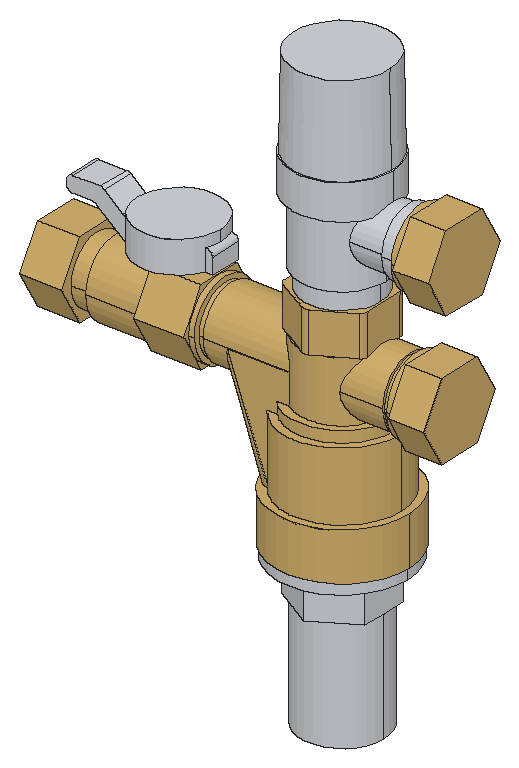
Revit family
Parameters (values of type "KHN3.212")
  URL = "http://www.autospec.co.za/browse.php?id=1644179288"
  Radius of Pipe = Diameter of Pipe / 2  # 11 mm
  Product Code = "KHN3.212"
  Pressure Rating = 200 kPa
  OmniClass Title = ""
  OmniClass Number = ""
  Modspec Classification = ""
  Specification = ""
  Location (revit room) = ""
  Model = "Pressure Control Multi Valve KHN3.212"
  Manufacturer = "Kwikot"  # constant formula
  Material = DZR Brass
  Diameter of Pipe = 22 mm
  Colour = none
  Body Finish = none
  Assembly Code = "D2090800"
Reference planes
  plane 1 "Center (Front/Back)": y = 0
  plane 2: z = 0
  plane 3 "Center (Left/Right)": x = 0
  plane 4: z = -100
  plane 5: z = 88
  plane 6: z = -65
  plane 7: x = 13
  plane 8: x = -13
  plane 9: z = -49.4
  plane 10: z = -34.4
  plane 11: z = -52.865
  plane 12: z = -12.9
  plane 13: z = -9.4
  plane 14: z = 9.6
  plane 15: z = 22.1
  plane 16: z = 28.1
  plane 17: z = 49
  plane 18: z = 60
  plane 19: x = 21.5
  plane 20: x = -34.5
  plane 21: x = 36.5
  plane 22: x = -54
  plane 23: x = 23.5
  plane 24: x = 25.5
  plane 25: x = -36.5
  plane 26: x = -38.5
  plane 27: z = 42
  plane 28: x = 38
  plane 29: x = 27
  plane 30: x = -70.5
  plane 31: x = -76.5
  plane 32: x = -89.5
  plane 33: x = -51
  plane 34: x = -26.5
Forms (mm)
  Extrusion 1, solid, detail levels fine
    sketch origin (-440, -1524, -100) x (-1, 0, 0) y (0, -1, 0)
      loop
        circle (-440, -1524) r 13
    from 0 to 35
  Extrusion 2, solid, detail levels fine
    sketch origin (-440, -1524, -65) x (-1, 0, 0) y (0, -1, 0)
      loop
        line (-453, -1531.506) -> (-440, -1539.011) -> (-427, -1531.506) -> (-427, -1516.494) -> (-440, -1508.989) -> (-453, -1516.494) -> (-453, -1531.506)
    from 0 to 12.135
  Extrusion 3, solid, detail levels fine
    sketch origin (-20.969, -1524, -52.865) x (-1, 0, 0) y (0, -1, 0)
      loop
        circle (-20.969, -1524) r 20.5
    from 0 to 3.465
  Extrusion 4, solid, material "DZR Brass" <- "Material", detail levels fine
    sketch origin (-165.612, -1524, -49.4) x (-1, 0, 0) y (0, -1, 0)
      loop
        circle (-165.612, -1524) r 21
    from 0 to 15
  Extrusion 5, solid, material "DZR Brass" <- "Material", detail levels fine
    sketch origin (0, 0, 0) x (0, 1, 0) y (0, 0, 1)
      loop
        circle (0, 0) r 11
    from 21.5 to -34.5
  Extrusion 6, solid, material "DZR Brass" <- "Material", detail levels fine
    sketch origin (-165.612, -1524, -34.4) x (-1, 0, 0) y (0, -1, 0)
      loop
        circle (-165.612, -1524) r 18.5
    from 0 to 21.5
  Extrusion 7, solid, material "DZR Brass" <- "Material", detail levels fine
    sketch origin (-60.699, -1524, -12.9) x (-1, 0, 0) y (0, -1, 0)
      loop
        circle (-60.699, -1524) r 16
    from 0 to 3.5
  Extrusion 8, solid, material "DZR Brass" <- "Material", detail levels fine
    sketch origin (-60.699, -1524, -9.4) x (-1, 0, 0) y (0, -1, 0)
      loop
        circle (-60.699, -1524) r 13.5
    from 0 to 19
  Blend 9, solid, material "DZR Brass" <- "Material", detail levels fine
    base sketch origin (-60.699, -1524, -9.4) x (-1, 0, 0) y (0, -1, 0)
      loop
        arc (-33.817, -1535) -> (-31.165, -1533.403) -> (-31.338, -1530.311) r 3
        arc (-31.338, -1530.311) -> (-29.942, -1523.999) -> (-31.332, -1517.686) r 15
        arc (-31.332, -1517.686) -> (-31.163, -1514.596) -> (-33.814, -1513) r 3
        line (-33.814, -1513) -> (-55.873, -1513) -> (-55.873, -1535) -> (-33.817, -1535)
    top sketch origin (-60.699, -1524, -9.4) x (-1, 0, 0) y (0, -1, 0)
      loop
        line (-55.873, -1535) -> (-46.266, -1535)
        arc (-46.266, -1535) -> (-44.698, -1534.558) -> (-43.592, -1533.361) r 3
        arc (-43.592, -1533.361) -> (-41.199, -1524) -> (-43.592, -1514.639) r 19.5
        arc (-43.592, -1514.639) -> (-44.698, -1513.442) -> (-46.266, -1513) r 3
        line (-46.266, -1513) -> (-55.873, -1513) -> (-55.873, -1535)
    from 9.4 to -25.5
  Extrusion 10, solid, material "DZR Brass" <- "Material", detail levels fine
    sketch origin (-60.699, -1524, 9.6) x (-1, 0, 0) y (0, -1, 0)
      loop
        line (-72.699, -1532.083) -> (-61.699, -1538.434)
        arc (-61.699, -1538.434) -> (-60.699, -1538.702) -> (-59.699, -1538.434) r 2
        line (-59.699, -1538.434) -> (-48.699, -1532.083)
        arc (-48.699, -1532.083) -> (-47.967, -1531.351) -> (-47.699, -1530.351) r 2
        line (-47.699, -1530.351) -> (-47.699, -1517.649)
        arc (-47.699, -1517.649) -> (-47.967, -1516.649) -> (-48.699, -1515.917) r 2
        line (-48.699, -1515.917) -> (-59.699, -1509.566)
        arc (-59.699, -1509.566) -> (-60.699, -1509.298) -> (-61.699, -1509.566) r 2
        line (-61.699, -1509.566) -> (-72.699, -1515.917)
        arc (-72.699, -1515.917) -> (-73.431, -1516.649) -> (-73.699, -1517.649) r 2
        line (-73.699, -1517.649) -> (-73.699, -1530.351)
        arc (-73.699, -1530.351) -> (-73.431, -1531.351) -> (-72.699, -1532.083) r 2
    from 0 to 12.5
  Extrusion 11, solid, detail levels fine
    sketch origin (-60.699, -1524, 22.1) x (-1, 0, 0) y (0, -1, 0)
      loop
        circle (-60.699, -1524) r 12.2
    from 0 to 6
  Extrusion 12, solid, detail levels fine
    sketch origin (-60.699, -1524, 28.1) x (-1, 0, 0) y (0, -1, 0)
      loop
        circle (-60.699, -1524) r 13.5
    from 0 to 20.9
  Extrusion 13, solid, detail levels fine
    sketch origin (-60.699, -1524, 49) x (-1, 0, 0) y (0, -1, 0)
      loop
        circle (-60.699, -1524) r 16
    from 0 to 11
  Blend 14, solid, detail levels fine
    base sketch origin (-60.699, -1524, 60) x (-1, 0, 0) y (0, -1, 0)
      loop
        circle (-60.699, -1524) r 15.5
    top sketch origin (-60.699, -1524, 60) x (-1, 0, 0) y (0, -1, 0)
      loop
        circle (-60.699, -1524) r 15
    from 0 to 28
  Extrusion 15, solid, material "DZR Brass" <- "Material", detail levels fine
    sketch origin (21.5, -1524, -21.263) x (0, 0, -1) y (0, -1, 0)
      loop
        circle (-21.263, -1524) r 10.5
    from 0 to -2
  Extrusion 16, solid, material "DZR Brass" <- "Material", detail levels fine
    sketch origin (-34.5, -1524, -21.263) x (0, 0, -1) y (0, -1, 0)
      loop
        circle (-21.263, -1524) r 10.5
    from 0 to 2
  Extrusion 17, solid, material "DZR Brass" <- "Material", detail levels fine
    sketch origin (21.5, -1524, -21.263) x (0, 0, -1) y (0, -1, 0)
      loop
        circle (-21.263, -1524) r 12
    from -2 to -4
  Extrusion 18, solid, material "DZR Brass" <- "Material", detail levels fine
    sketch origin (-34.5, -1524, -21.263) x (0, 0, -1) y (0, -1, 0)
      loop
        circle (-21.263, -1524) r 12
    from 2 to 4
  Extrusion 19, solid, material "DZR Brass" <- "Material", detail levels fine
    sketch origin (25.5, -1524, -21.263) x (0, 0, -1) y (0, -1, 0)
      loop
        line (-9.263, -1517.072) -> (-21.263, -1510.144) -> (-33.263, -1517.072) -> (-33.263, -1530.928) -> (-21.263, -1537.856) -> (-9.263, -1530.928) -> (-9.263, -1517.072)
    from 0 to -11
  Extrusion 20, solid, material "DZR Brass" <- "Material", detail levels fine
    sketch origin (-38.5, -1524, -21.263) x (0, 0, -1) y (0, -1, 0)
      loop
        line (-33.263, -1517.072) -> (-33.263, -1530.928) -> (-21.263, -1537.856) -> (-9.263, -1530.928) -> (-9.263, -1517.072) -> (-21.263, -1510.144) -> (-33.263, -1517.072)
    from 0 to 15.5
  Extrusion 21, solid, detail levels fine
    sketch origin (0, 0, 0) x (0, 1, 0) y (0, 0, 1)
      loop
        circle (0, 42) r 9.5
    from 0 to 20.8
  Extrusion 22, solid, detail levels fine
    sketch origin (0, 0, 0) x (0, 1, 0) y (0, 0, 1)
      loop
        circle (0, 42) r 10.45
    from 20.8 to 25
  Extrusion 23, solid, material "DZR Brass" <- "Material", detail levels fine
    sketch origin (0, 0, 0) x (0, 1, 0) y (0, 0, 1)
      loop
        circle (0, 42) r 12
    from 25 to 27
  Extrusion 24, solid, material "DZR Brass" <- "Material", detail levels fine
    sketch origin (38, -1524, 66.867) x (0, 0, 1) y (0, -1, 0)
      loop
        line (-12.867, -1517.072) -> (-24.867, -1510.144) -> (-36.867, -1517.072) -> (-36.867, -1530.928) -> (-24.867, -1537.856) -> (-12.867, -1530.928) -> (-12.867, -1517.072)
    from 0 to -11
  Extrusion 25, solid, material "DZR Brass" <- "Material", detail levels fine
    sketch origin (-54, -1524, -24.693) x (0, 0, -1) y (0, -1, 0)
      loop
        circle (-24.693, -1524) r 12
    from 0 to 16.5
  Extrusion 26, solid, material "DZR Brass" <- "Material", detail levels fine
    sketch origin (-70.5, -1524, -24.693) x (0, 0, -1) y (0, -1, 0)
      loop
        circle (-24.693, -1524) r 10.5
    from 0 to 6
  Extrusion 27, solid, material "DZR Brass" <- "Material", detail levels fine
    sketch origin (-76.5, -1524, -152.224) x (0, 0, -1) y (0, -1, 0)
      loop
        line (-164.224, -1530.928) -> (-152.224, -1537.856) -> (-140.224, -1530.928) -> (-140.224, -1517.072) -> (-152.224, -1510.144) -> (-164.224, -1517.072) -> (-164.224, -1530.928)
    from 0 to 13
  Extrusion 28, solid, material "DZR Brass", detail levels fine
    sketch origin (0, 0, 0) x (1, 0, 0) y (0, 1, 0)
      loop
        circle (-51, 0) r 8.25
    from 12 to 14.461
  Extrusion 29, solid, detail levels fine
    sketch origin (0, 0, 0) x (1, 0, 0) y (0, 1, 0)
      loop
        circle (-51, 0) r 13
    from 14.461 to 24.5
  Extrusion 30, solid, detail levels fine
    sketch origin (0, 0, 0) x (1, 0, 0) y (0, 0, 1)
      loop
        line (-38.5, 21.385) -> (-63.155, 21.385)
        arc (-63.155, 21.385) -> (-63.841, 21.506) -> (-64.443, 21.855) r 2
        line (-64.443, 21.855) -> (-70.117, 26.63)
        arc (-70.117, 26.63) -> (-70.719, 26.979) -> (-71.405, 27.1) r 2
        line (-71.405, 27.1) -> (-80.111, 27.1)
        arc (-80.111, 27.1) -> (-81.525, 26.514) -> (-82.111, 25.1) r 2
        line (-82.111, 25.1) -> (-82.111, 24.1)
        arc (-82.111, 24.1) -> (-81.525, 22.686) -> (-80.111, 22.1) r 2
        line (-80.111, 22.1) -> (-73.806, 22.1)
        arc (-73.806, 22.1) -> (-73.12, 21.979) -> (-72.518, 21.63) r 2
        line (-72.518, 21.63) -> (-64, 14.461) -> (-36.5, 14.461) -> (-36.5, 19.385)
        arc (-36.5, 19.385) -> (-37.086, 20.799) -> (-38.5, 21.385) r 2
    from -5 to 5
Cuts and joins
  joined: Extrusion 11, Extrusion 12, Extrusion 13, Blend 14, Extrusion 21, Extrusion 22
  joined: Extrusion 1, Extrusion 2, Extrusion 3
  joined: Extrusion 5, Extrusion 10, Extrusion 15, Extrusion 16, Extrusion 17, Extrusion 18, Extrusion 19, Extrusion 20, Extrusion 25, Extrusion 26, Extrusion 27
  joined: Extrusion 4, Extrusion 6, Extrusion 7, Extrusion 8, Blend 9
  joined: Extrusion 23, Extrusion 24
Lines and regions (mm)
  model lines
    curve 1: line (-26.5, 0, 0) -> (-26.5, 40, 0)
    curve 2: line (-41.5, 40, 0) -> (-11.5, 40, 0)
    curve 3: line (17.5, 0, 0) -> (36.5, 0, 0)
    curve 4: line (-70.5, 0, 0) -> (-89.5, 0, 0)
    curve 5: arc (-41.5, 40, 0) -> (-26.5, 46.771, 0) -> (-11.5, 40, 0) r 20
    curve 6: line (-26.5, 46.771, 0) -> (-26.5, 61.771, 0)
    curve 7: line (-26.5, 61.771, 0) -> (24.587, 61.771, 0)
    curve 8: line (24.587, 61.771, 0) -> (24.587, 0, 0)
    curve 9: line (-70.5, -13.856, 0) -> (-70.5, 13.856, 0)
    curve 10: line (-70.5, 13.856, 0) -> (17.5, -13.856, 0)
    curve 11: line (-70.5, -13.856, 0) -> (17.5, 13.856, 0)
    curve 12: line (17.5, 13.856, 0) -> (17.5, -13.856, 0)
Dimensions and locks
  level to plane 4 = 100 mm
  plane 6 to plane 4 = 35 mm
  plane 8 to plane 7 = 26 mm
  plane 3 "Center (Left/Right)" to plane 19 = 21.5 mm
  plane 20 to plane 19 = 56 mm
  plane 3 "Center (Left/Right)" to plane 21 = 36.5 mm
  plane 22 to plane 3 "Center (Left/Right)" = 54 mm
  plane 27 to plane 2 = 42 mm
  plane 28 to plane 3 "Center (Left/Right)" = 38 mm
  plane 28 to plane 29 = 11 mm
  plane 29 to plane 3 "Center (Left/Right)" = 27 mm
  plane 5 to level = 88 mm
  plane 3 "Center (Left/Right)" to plane 33 = 51 mm
  equal spacing: Blend 9 sketch curve, plane 1 "Center (Front/Back)", Blend 9 sketch curve
  "Radius of Pipe": plane 1 "Center (Front/Back)" to Blend 9 sketch curve
  plane 20 to Blend 9 sketch curve = 3.743 mm
  plane 20 to Blend 9 sketch curve = 15 mm
  radius of Extrusion 1 sketch curve = 13 mm
  "Radius of Pipe": radius of Extrusion 5 sketch curve
  radius of Extrusion 21 sketch curve = 9.5 mm
  radius of Extrusion 23 sketch curve = 12 mm
  radius of Extrusion 22 sketch curve = 10.45 mm
  radius of Extrusion 28 sketch curve = 8.25 mm
  radius of Blend 9 sketch curve = 15 mm
  radius of Blend 9 sketch curve = 3 mm  (x4)
  radius of Blend 9 sketch curve = 19.5 mm
  aligned and locked: level to plane 2
  aligned and locked: plane 6 to Extrusion 1
  aligned and locked: Extrusion 1 to plane 4
  aligned and locked: plane 11 to Extrusion 2
  aligned and locked: Extrusion 2 to plane 6
  aligned and locked: plane 9 to Extrusion 3
  aligned and locked: Extrusion 3 to Extrusion 2
  aligned and locked: plane 10 to Extrusion 4
  aligned and locked: Extrusion 4 to plane 9
  aligned and locked: plane 12 to Extrusion 6
  aligned and locked: Extrusion 6 to plane 10
  aligned and locked: plane 13 to Extrusion 7
  aligned and locked: Extrusion 7 to plane 12
  aligned and locked: plane 14 to Extrusion 8
  aligned and locked: Extrusion 8 to Extrusion 7
  aligned and locked: plane 15 to Extrusion 10
  aligned and locked: Extrusion 10 to Extrusion 8
  aligned and locked: plane 16 to Extrusion 11
  aligned and locked: Extrusion 11 to plane 15
  aligned and locked: plane 17 to Extrusion 12
  aligned and locked: Extrusion 12 to plane 16
  aligned and locked: plane 18 to Extrusion 13
  aligned and locked: Extrusion 13 to plane 17
  aligned and locked: plane 5 to Blend 14
  aligned and locked: Blend 14 to plane 18
  aligned and locked: plane 20 to Extrusion 5
  aligned and locked: Extrusion 5 to plane 19
  aligned: Extrusion 16 sketch curve to Extrusion 15
  aligned and locked: Extrusion 16 sketch curve to Extrusion 15
  aligned and locked: Extrusion 17 to Extrusion 15
  aligned: Extrusion 18 sketch curve to Extrusion 17
  aligned and locked: Extrusion 18 sketch curve to Extrusion 17
  aligned and locked: Extrusion 15 to plane 23
  aligned and locked: plane 23 to Extrusion 17
  aligned and locked: Extrusion 17 to plane 24
  aligned and locked: plane 25 to Extrusion 16
  aligned and locked: Extrusion 18 to Extrusion 16
  aligned and locked: plane 26 to Extrusion 18
  aligned and locked: Extrusion 19 to Extrusion 17
  aligned and locked: Extrusion 19 to plane 21
  aligned and locked: plane 22 to Extrusion 20
  aligned and locked: Extrusion 20 to Extrusion 18
  aligned and locked: plane 1 "Center (Front/Back)" to Extrusion 21 sketch curve
  aligned and locked: plane 27 to Extrusion 21 sketch curve
  aligned and locked: plane 27 to Extrusion 22 sketch curve
  aligned and locked: plane 1 "Center (Front/Back)" to Extrusion 22 sketch curve
  aligned and locked: plane 27 to Extrusion 23 sketch curve
  aligned and locked: plane 1 "Center (Front/Back)" to Extrusion 23 sketch curve
  aligned and locked: plane 29 to Extrusion 23
  aligned and locked: plane 28 to Extrusion 24
  aligned and locked: Extrusion 24 to plane 29
  aligned and locked: Extrusion 25 sketch curve to cut or joined group 1 (Extrusion 5, Extrusion 10, Extrusion 15, Extrusion 16, Extrusion 17, Extrusion 18, Extrusion 19, Extrusion 20, Extrusion 25, Extrusion 26, Extrusion 27)  (x2)
  aligned and locked: plane 30 to Extrusion 25
  aligned and locked: Extrusion 25 to plane 22
  aligned and locked: Extrusion 26 sketch curve to cut or joined group 1  (x2)
  aligned and locked: Extrusion 27 to plane 31
  aligned and locked: plane 32 to Extrusion 27
  aligned and locked: Extrusion 26 to plane 30
  aligned and locked: plane 31 to Extrusion 26
  aligned and locked: Extrusion 25 to Extrusion 26
  aligned and locked: Extrusion 25 to cut or joined group 1
  aligned and locked: plane 33 to Extrusion 28 sketch curve
  aligned and locked: plane 1 "Center (Front/Back)" to Extrusion 28 sketch curve
  aligned and locked: Extrusion 28 to cut or joined group 1
  aligned and locked: plane 33 to Extrusion 29 sketch curve
  aligned and locked: plane 1 "Center (Front/Back)" to Extrusion 29 sketch curve
  aligned and locked: Extrusion 29 to Extrusion 28
  aligned and locked: Extrusion 30 sketch curve to Extrusion 29
  aligned and locked: Blend 9 sketch curve to var sketch  (x2)
  aligned and locked: var sketch to Blend 9 sketch curve
Automatic sketch dimensions
  plane 1 "Center (Front/Back)" to Extrusion 1 sketch curve = 0 mm
  Extrusion 1 sketch curve to plane 3 "Center (Left/Right)" = 0 mm
  Extrusion 2 sketch curve to plane 7 = 0 mm
  Extrusion 2 sketch curve to plane 3 "Center (Left/Right)" = 0 mm  (x2)
  Extrusion 2 sketch curve to plane 8 = 0 mm
  Extrusion 2 sketch curve to plane 1 "Center (Front/Back)" = 15.011 mm
  Extrusion 2 sketch curve to plane 1 "Center (Front/Back)" = 7.506 mm  (x2)
  plane 1 "Center (Front/Back)" to Extrusion 2 sketch curve = 7.506 mm  (x2)
  Extrusion 2 sketch curve to Extrusion 2 sketch curve = 7.506 mm
  plane 1 "Center (Front/Back)" to Extrusion 3 sketch curve = 0 mm
  Extrusion 3 sketch curve to plane 3 "Center (Left/Right)" = 0 mm
  plane 1 "Center (Front/Back)" to Extrusion 4 sketch curve = 0 mm
  Extrusion 4 sketch curve to plane 3 "Center (Left/Right)" = 0 mm
  Extrusion 5 sketch curve to level = 0 mm
  Extrusion 5 sketch curve to plane 1 "Center (Front/Back)" = 0 mm
  plane 1 "Center (Front/Back)" to Extrusion 6 sketch curve = 0 mm
  Extrusion 6 sketch curve to plane 3 "Center (Left/Right)" = 0 mm
  plane 1 "Center (Front/Back)" to Extrusion 7 sketch curve = 0 mm
  Extrusion 7 sketch curve to plane 3 "Center (Left/Right)" = 0 mm
  plane 1 "Center (Front/Back)" to Extrusion 8 sketch curve = 0 mm
  Extrusion 8 sketch curve to plane 3 "Center (Left/Right)" = 0 mm
  Extrusion 10 sketch curve to plane 7 = 0 mm
  Extrusion 10 sketch curve to plane 3 "Center (Left/Right)" = 0 mm  (x2)
  Extrusion 10 sketch curve to plane 8 = 0 mm
  plane 7 to Extrusion 10 sketch curve = 1 mm  (x2)
  Extrusion 10 sketch curve to Extrusion 10 sketch curve = 2 mm  (x2)
  plane 3 "Center (Left/Right)" to Extrusion 10 sketch curve = 1 mm  (x2)
  Extrusion 10 sketch curve to plane 3 "Center (Left/Right)" = 1 mm  (x2)
  Extrusion 10 sketch curve to plane 8 = 2 mm  (x2)
  Extrusion 10 sketch curve to plane 8 = 1 mm  (x2)
  Extrusion 10 sketch curve to plane 1 "Center (Front/Back)" = 14.434 mm
  Extrusion 10 sketch curve to Extrusion 10 sketch curve = 1.732 mm  (x2)
  Extrusion 10 sketch curve to plane 1 "Center (Front/Back)" = 8.083 mm  (x2)
  plane 1 "Center (Front/Back)" to Extrusion 10 sketch curve = 6.351 mm  (x2)
  Extrusion 10 sketch curve to Extrusion 10 sketch curve = 6.351 mm
  plane 1 "Center (Front/Back)" to Extrusion 11 sketch curve = 0 mm
  Extrusion 11 sketch curve to plane 3 "Center (Left/Right)" = 0 mm
  plane 1 "Center (Front/Back)" to Extrusion 12 sketch curve = 0 mm
  Extrusion 12 sketch curve to plane 3 "Center (Left/Right)" = 0 mm
  plane 1 "Center (Front/Back)" to Extrusion 13 sketch curve = 0 mm
  Extrusion 13 sketch curve to plane 3 "Center (Left/Right)" = 0 mm
  plane 1 "Center (Front/Back)" to Blend 14 sketch curve = 0 mm  (x2)
  Blend 14 sketch curve to plane 3 "Center (Left/Right)" = 0 mm  (x2)
  Extrusion 15 sketch curve to level = 0 mm
  Extrusion 15 sketch curve to plane 1 "Center (Front/Back)" = 0 mm
  Extrusion 17 sketch curve to level = 0 mm
  Extrusion 17 sketch curve to plane 1 "Center (Front/Back)" = 0 mm
  Extrusion 19 sketch curve to level = 0 mm  (x2)
  plane 14 to Extrusion 19 sketch curve = 2.4 mm
  plane 12 to Extrusion 19 sketch curve = 0.9 mm
  Extrusion 19 sketch curve to plane 1 "Center (Front/Back)" = 13.856 mm
  Extrusion 19 sketch curve to plane 1 "Center (Front/Back)" = 6.928 mm  (x2)
  plane 1 "Center (Front/Back)" to Extrusion 19 sketch curve = 6.928 mm  (x2)
  plane 1 "Center (Front/Back)" to Extrusion 19 sketch curve = 13.856 mm
  Extrusion 20 sketch curve to level = 0 mm  (x2)
  plane 14 to Extrusion 20 sketch curve = 2.4 mm
  plane 12 to Extrusion 20 sketch curve = 0.9 mm
  Extrusion 20 sketch curve to plane 1 "Center (Front/Back)" = 13.856 mm
  Extrusion 20 sketch curve to plane 1 "Center (Front/Back)" = 6.928 mm  (x2)
  plane 1 "Center (Front/Back)" to Extrusion 20 sketch curve = 6.928 mm  (x2)
  Extrusion 20 sketch curve to Extrusion 20 sketch curve = 6.928 mm
  Extrusion 30 sketch curve to plane 15 = 0 mm
  plane 26 to Extrusion 30 sketch curve = 0 mm
  plane 25 to Extrusion 30 sketch curve = 0 mm
  Extrusion 30 sketch curve to plane 15 = 0.715 mm
  Extrusion 30 sketch curve to plane 30 = 7.345 mm
  Extrusion 30 sketch curve to plane 30 = 6.5 mm
  Extrusion 30 sketch curve to plane 15 = 0.245 mm
  Extrusion 30 sketch curve to Extrusion 30 sketch curve = 1.288 mm  (x2)
  Extrusion 30 sketch curve to plane 30 = 0.383 mm
  plane 30 to Extrusion 30 sketch curve = 0.905 mm
  Extrusion 30 sketch curve to plane 15 = 0.47 mm
  plane 30 to Extrusion 30 sketch curve = 2.018 mm
  plane 31 to Extrusion 30 sketch curve = 3.611 mm  (x2)
  Extrusion 30 sketch curve to plane 16 = 1 mm
  Extrusion 30 sketch curve to Extrusion 30 sketch curve = 2 mm  (x2)
  Blend 9 sketch curve to plane 3 "Center (Left/Right)" = 4.825 mm
  plane 34 to Blend 9 sketch curve = 0.381 mm
  plane 34 to Blend 9 sketch curve = 0.385 mm
  plane 1 "Center (Front/Back)" to Blend 9 sketch curve = 0.007 mm
  plane 1 "Center (Front/Back)" to Blend 9 sketch curve = 0 mm
  Blend 9 sketch curve to Blend 9 sketch curve = 0 mm  (x2)
  curve 4 to plane 1 "Center (Front/Back)" = 0 mm
  curve 4 to plane 32 = 0 mm
  curve 4 to plane 30 = 0 mm
  curve 5 to plane 34 = 0 mm
  plane 1 "Center (Front/Back)" to curve 1 = 0 mm
  curve 1 to plane 34 = 0 mm
  curve 6 to plane 34 = 0 mm
  plane 1 "Center (Front/Back)" to curve 3 = 0 mm
  curve 3 to plane 21 = 0 mm
  plane 26 to curve 5 = 3 mm
  plane 19 to curve 11 = 4 mm
  curve 8 to plane 29 = 2.413 mm
  curve 12 to curve 3 = 13.856 mm
  curve 9 to curve 4 = 13.856 mm
  curve 10 to plane 1 "Center (Front/Back)" = 13.856 mm
  curve 5 to plane 1 "Center (Front/Back)" = 26.771 mm
  curve 5 to curve 2 = 13.229 mm
  curve 6 to curve 7 = 15 mm
  radius of Extrusion 3 sketch curve = 20.5 mm
  radius of Extrusion 4 sketch curve = 21 mm
  radius of Extrusion 6 sketch curve = 18.5 mm
  radius of Extrusion 7 sketch curve = 16 mm
  radius of Extrusion 8 sketch curve = 13.5 mm
  radius of Extrusion 11 sketch curve = 12.2 mm
  radius of Extrusion 12 sketch curve = 13.5 mm
  radius of Extrusion 13 sketch curve = 16 mm
  radius of Blend 14 sketch curve = 15.5 mm
  radius of Blend 14 sketch curve = 15 mm
  radius of Extrusion 15 sketch curve = 10.5 mm
  radius of Extrusion 17 sketch curve = 12 mm
  radius of Extrusion 29 sketch curve = 13 mm
Connectors
  piping at (36.5, 0, 0), driven by "Radius of Pipe", driven by "Pressure Rating"
    settings: on Extrusion 19, index 2, connector radius 11 mm, flow factor 0, pipe flow 0.0 L/s, pressure drop 200 kPa, fitting loss kfactor 0, connector angle 0.00°, fixture units 0, flow configuration 0, flow direction 2, fitting loss method 0, system type 29, connector reference index 3, connector utility 0, adjustable connector yes, is connector primary no, fitting loss table "", connector description "Pipe Connector"
  piping at (-89.5, 0, 0), driven by "Radius of Pipe"
    settings: on cut or joined group 1, index 3, connector radius 11 mm, flow factor 0, pipe flow 0.0 L/s, pressure drop 0 kPa, fitting loss kfactor 0, connector angle 0.00°, fixture units 0, flow configuration 0, flow direction 1, fitting loss method 0, system type 29, connector reference index 2, connector utility 0, adjustable connector yes, is connector primary yes, fitting loss table "", connector description "Pipe Connector"
  piping at (38, 0, 42), driven by "Radius of Pipe"
    settings: on cut or joined group of Extrusion 23, Extrusion 24, index 4, connector radius 11 mm, flow factor 0, pipe flow 0.0 L/s, pressure drop 0 kPa, fitting loss kfactor 0, connector angle 0.00°, fixture units 0, flow configuration 0, flow direction 2, fitting loss method 0, system type 29, connector reference index -1, connector utility 0, adjustable connector yes, is connector primary no, fitting loss table "", connector description "Pipe Connector"
